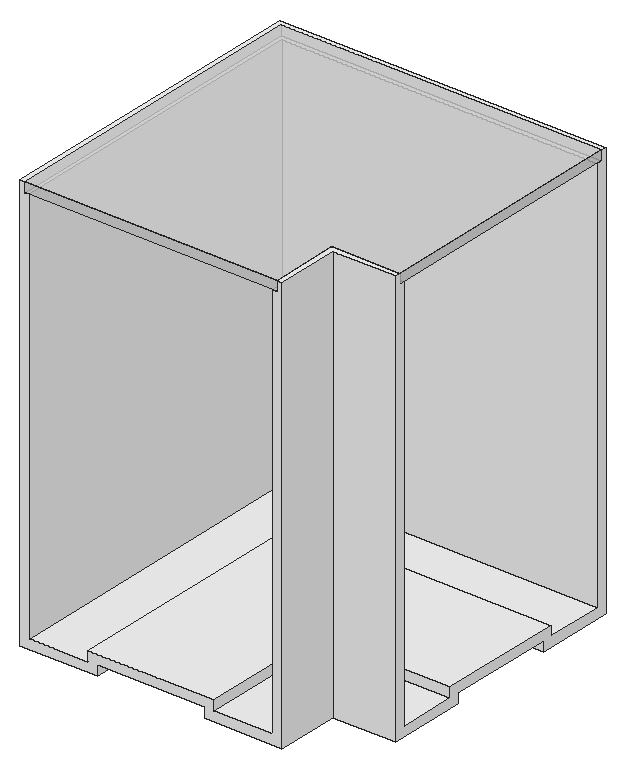
Revit family "2093155 Accessories_Sylvania_MC2 HORIZ-CORNER_Ceiling Recessed", category Generic Models, host Face, Revit 2015
Parameters (values of type "MC2 90° HORIZ-CORNER WHT OPAL")
  Width = 54.0 mm
  Weight = 1.80 kg
  URL = "http://www.feilosylvania.com/"
  Product Page URL = "http://www.feilosylvania.com/product/en-int/products/2093155"
  Product Family = "MINI CONTINUUM II ACCESSORIES"  # constant formula
  Offset = Width - 14.0 mm  # 40.0 mm
  Height = 86.0 mm
  Model = "MC2 90° HORIZ-CORNER WHT OPAL"
  Manufacturer = "Feilo Sylvania"  # constant formula
  Body Material = Metal_Sylvania_Mini Continuum LED_White
  Diffuser Material = Polycarbonate_Sylvania_Mini Continuum LED_Opal_4000K
  Description = "LED Mini Continuum perfect homogenous light distribution with no shadows. Clean horizontal and vertical lines of light. LED Mini Continuum is based on the Golden mean or ratio and is regarded as the secret to aesthetics. LED Mini Continuum profiles supplied complete with extrusion, diffuser & LED strips order accessories separately. 3000K & 4000K colour temperature options. Extrusion profiles offer trim and trimless options"  # constant formula
  Default Elevation = 0.0 mm
  Catalog Number = "2093155 MC2 90° HORIZ-CORNER WHT OPAL"
  Assembly Code = "D5020200"
Reference planes
  plane 1 "Center (Front/Back)": y = 0
  plane 2 "Bottom Fixtures": z = 0
  plane 3 "Center (Left/Right)": x = 0
  plane 4: z = -2
  plane 5: z = -86
  plane 6: z = -84
  plane 7: y = 67
  plane 8: y = 65
  plane 9: y = 15
  plane 10: y = 13
  plane 11: y = 51
  plane 12: y = 29
  plane 13: y = 66
  plane 14: y = 14
  plane 15: x = 40
  plane 16: y = 40
Forms (mm)
  Sweep 1, solid, material "Metal_Sylvania_Mini Continuum LED_White" <- "Body Material", detail levels fine
    path origin (40, 40, 0) x (0, 1, 0) y (-1, 0, 0)
      loop
        line (0, 0) -> (0, 40) -> (-40, 40)
    profile origin (20, 40, 0) x (0, -1, 0) y (0, 0, 1)
      loop
        line (-27, 0) -> (-27, -86) -> (-11, -86) -> (-11, -84) -> (11, -84) -> (11, -86) -> (27, -86) -> (27, 0) -> (26, 0) -> (26, -2) -> (25, -2) -> (25, -84) -> (13, -84) -> (13, -82) -> (-13, -82) -> (-13, -84) -> (-25, -84) -> (-25, -2) -> (-26, -2) -> (-26, 0) -> (-27, 0)
  Sweep 2, solid, material "Polycarbonate_Sylvania_Mini Continuum LED_Opal_4000K" <- "Diffuser Material", detail levels fine
    path origin (40, 40, 0) x (0, 1, 0) y (-1, 0, 0)
      loop
        line (0, 0) -> (0, 40) -> (-40, 40)
    profile origin (20, 40, 0) x (0, -1, 0) y (0, 0, 1)
      loop
        line (26, -2) -> (26, 0) -> (-26, 0) -> (-26, -2) -> (26, -2)
  Sweep 3, solid, material "Metal_Sylvania_Mini Continuum LED_White" <- "Body Material", detail levels coarse+medium
    path origin (40, 40, 0) x (0, 1, 0) y (-1, 0, 0)
      loop
        line (0, 0) -> (0, 40) -> (-40, 40)
    profile origin (20, 40, 0) x (0, -1, 0) y (0, 0, 1)
      loop
        line (-27, 0) -> (-27, -86) -> (27, -86) -> (27, 0) -> (-27, 0)
  Sweep 4, solid, material "Polycarbonate_Sylvania_Mini Continuum LED_Opal_4000K" <- "Diffuser Material", detail levels fine
    path origin (40, 40, 0) x (0, 1, 0) y (-1, 0, 0)
      loop
        line (0, 0) -> (0, 40) -> (-40, 40)
    profile origin (20, 40, 0) x (0, -1, 0) y (0, 0, 1)
      loop
        line (-26, 0) -> (-26, -2) -> (26, -2) -> (26, 0) -> (-26, 0)
  Sweep 5, void
    path origin (40, 40, 0) x (0, 1, 0) y (-1, 0, 0)
      loop
        line (0, 0) -> (0, 40) -> (-40, 40)
    profile origin (20, 40, 0) x (0, -1, 0) y (0, 0, 1)
      loop
        line (-27, 0) -> (-27, -86) -> (27, -86) -> (27, 0) -> (-27, 0)
Dimensions and locks
  host sketch curve to plane 3 "Center (Left/Right)" to host sketch curve = 146.13 mm, 152.627 mm
  locked: plane 2 "Bottom Fixtures" to plane 4 at 2
  locked: plane 6 to plane 5 at 2
  "Height": plane 2 "Bottom Fixtures" to plane 5
  plane 7 to plane 13 to plane 8 to plane 11 = 1.0 mm locked, 1.0 mm locked, 14.0 mm locked
  plane 12 to plane 9 to plane 14 to plane 10 = 14.0 mm locked, 1.0 mm locked, 1.0 mm locked
  locked: plane 12 to Sweep 1 sketch curve at 2
  locked: Sweep 1 sketch curve to plane 11 at 2
  "Offset": plane 3 "Center (Left/Right)" to plane 15
  locked: Sweep 1 sketch curve to plane 6 at 2
  "Offset": plane 1 "Center (Front/Back)" to plane 16
  "Width": plane 10 to plane 7
  equal spacing: plane 10, plane 16, plane 7
  aligned and locked: plane 2 "Bottom Fixtures" to host face
  aligned and locked: level to host face
  aligned and locked: Sweep 3 sketch curve to plane 7
  aligned and locked: plane 10 to Sweep 3 sketch curve
  aligned and locked: plane 15 to Sweep 3 sketch curve
  aligned and locked: plane 13 to Sweep 2 sketch curve
  aligned and locked: plane 14 to Sweep 2 sketch curve
  aligned and locked: plane 15 to Sweep 2 sketch curve
  aligned and locked: Sweep 1 sketch curve to plane 7
  aligned and locked: plane 13 to Sweep 1 sketch curve
  aligned and locked: Sweep 1 sketch curve to plane 8
  aligned and locked: plane 10 to Sweep 1 sketch curve
  aligned and locked: plane 14 to Sweep 1 sketch curve
  aligned and locked: plane 9 to Sweep 1 sketch curve
  aligned and locked: plane 11 to Sweep 1 sketch curve
  aligned and locked: Sweep 1 sketch curve to plane 12
  aligned and locked: plane 15 to Sweep 1 sketch curve
  aligned and locked: Sweep 3 sketch curve to plane 16
  aligned and locked: Sweep 3 sketch curve to plane 3 "Center (Left/Right)"
  aligned and locked: Sweep 3 sketch curve to plane 5
  aligned and locked: plane 2 "Bottom Fixtures" to Sweep 3 sketch curve
  aligned and locked: Sweep 1 sketch curve to plane 3 "Center (Left/Right)"
  aligned and locked: Sweep 1 sketch curve to plane 16
  aligned and locked: Sweep 1 sketch curve to plane 6  (x3)
  aligned and locked: plane 2 "Bottom Fixtures" to Sweep 1 sketch curve  (x2)
  aligned and locked: Sweep 1 sketch curve to plane 4
  aligned and locked: plane 4 to Sweep 1 sketch curve
  aligned and locked: Sweep 4 sketch curve to plane 4
  aligned and locked: plane 14 to Sweep 4 sketch curve
  aligned and locked: Sweep 4 sketch curve to plane 13
  aligned and locked: plane 2 "Bottom Fixtures" to Sweep 4 sketch curve
  aligned and locked: Sweep 4 sketch curve to plane 3 "Center (Left/Right)"
  aligned and locked: Sweep 4 sketch curve to plane 16
  aligned and locked: plane 15 to Sweep 4 sketch curve
  aligned and locked: plane 1 "Center (Front/Back)" to Sweep 4 sketch curve
  aligned and locked: plane 1 "Center (Front/Back)" to Sweep 2 sketch curve
  aligned and locked: plane 1 "Center (Front/Back)" to Sweep 3 sketch curve
  aligned and locked: Sweep 2 sketch curve to plane 16
  aligned and locked: Sweep 2 sketch curve to plane 3 "Center (Left/Right)"
  aligned and locked: plane 15 to Sweep 5 sketch curve
  aligned and locked: plane 1 "Center (Front/Back)" to Sweep 5 sketch curve
  aligned and locked: Sweep 5 sketch curve to plane 3 "Center (Left/Right)"
  aligned and locked: Sweep 5 sketch curve to plane 16
  aligned and locked: Sweep 5 sketch curve to plane 7
  aligned and locked: plane 2 "Bottom Fixtures" to Sweep 5 sketch curve
  aligned and locked: plane 10 to Sweep 5 sketch curve
  aligned and locked: Sweep 5 sketch curve to plane 5
Automatic sketch dimensions
  host sketch curve to host sketch curve = 256.756 mm
  Sweep 1 sketch curve to Sweep 1 sketch curve = 2.0 mm  (x2)
  Sweep 2 sketch curve to profile plane = 0.0 mm
  Sweep 2 sketch curve to Sweep 2 sketch curve = 2.0 mm
  plane 1 "Center (Front/Back)" to Sweep 1 sketch curve = 0.0 mm
